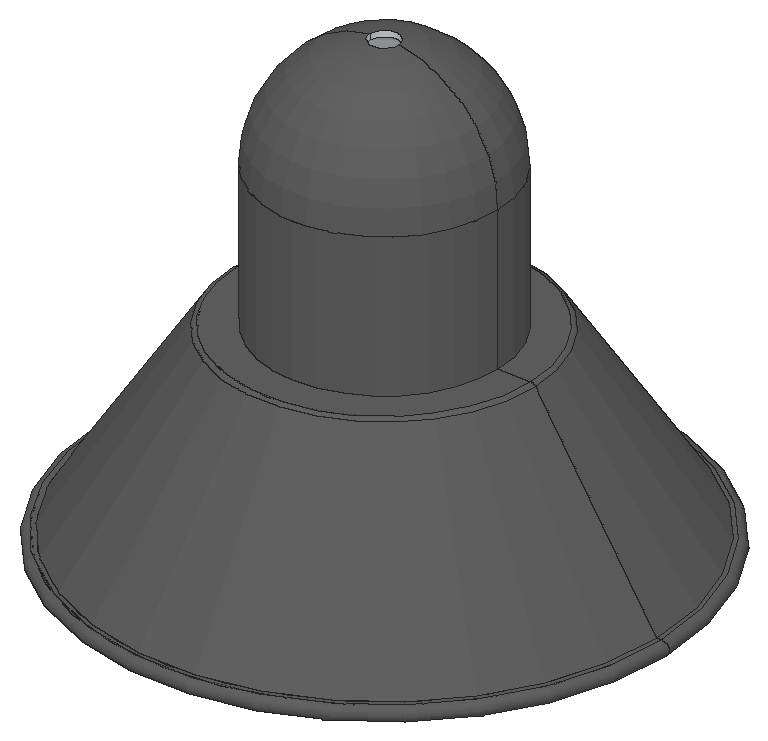
Revit family "SBH10 SHADE", category Lighting Fixtures, Revit 2024
Family settings
  Round Connector Dimension = Use Diameter
  Part Type = Normal
  OmniClass Number = 23.80.70.00
  OmniClass Title = Lighting
  Work Plane-Based = No
  Always vertical = Yes
  Cut with Voids When Loaded = No
  Light Source = Yes
  Maintain Annotation Orientation = No
  Shared = No
  Room Calculation Point = No
Parameters
  Wattage = 12.1178 W
  built-in parameter 1150110 = 1 (stored number, unit not read)
  built-in parameter 1114217 = 1 (stored number, unit not read)
  built-in parameter 1150109 = 1 (stored number, unit not read)
  built-in parameter 1150134 = (empty or 0)
  built-in parameter 1150113 = 1 (stored number, unit not read)
  Lumens = 1800 lm
  built-in parameter 1150115 = 1 (stored number, unit not read)
  built-in parameter 1150105 = 572.96 (stored number, unit not read)
  Light Source Symbol Size = 2' - 0"
  built-in parameter 1150137 = (empty or 0)
  built-in parameter 1150139 = (empty or 0)
  built-in parameter 1150112 = 1 (stored number, unit not read)
  built-in parameter 1150114 = 1 (stored number, unit not read)
  built-in parameter 1150132 = 2
  built-in parameter 1150102 = (empty or 0)
  built-in parameter 1150138 = (empty or 0)
  built-in parameter 1150107 = 3000 (stored number, unit not read)
  built-in parameter 1150106 = 5.7296 (stored number, unit not read)
  built-in parameter 1150104 = 13.8 (stored number, unit not read)
  Dimming Lamp Color Temperature Shift = (empty or 0)
  Default Elevation = 0' - 0"
  Color Filter = 16777215
  built-in parameter 1114218 = 1 (stored number, unit not read)
  built-in parameter 1150133 = 10 (stored number, unit not read)
Reference planes (in)
  plane 1 "Light Source Axis (F/B)": y = 0
  plane 2: z = 0
  plane 3 "Light Source Axis (L/R)": x = 0
  plane 4 "Light Source Elevation": z = 84
Forms (in)
  Revolve 1, solid
    sketch origin (0, 0, 0) x (1, 0, 0) y (0, 0, 1)
      loop
        line (-4.75116, 84.14199) -> (-2.58276, 87.40625) -> (-1.90625, 87.40625) -> (-1.90625, 90)
        arc (-1.90625, 90) -> (-1.43359, 91.25643) -> (-0.25, 91.88979) r 1.90625
        line (-0.25, 91.88979) -> (-0.25, 91.98431)
        arc (-0.25, 91.98431) -> (-1.5, 91.32288) -> (-2, 90) r 2
        line (-2, 90) -> (-2, 87.5) -> (-2.57941, 87.5)
        arc (-2.57941, 87.5) -> (-2.62667, 87.48813) -> (-2.66271, 87.45533) r 0.1
        line (-2.66271, 87.45533) -> (-4.79196, 84.25) -> (-4.875, 84.25)
        arc (-4.875, 84.25) -> (-4.95716, 84.03079) -> (-4.75116, 84.14199) r 0.125
      loop
        line (-1.6, 88.70469) -> (-1.6, 84.42969)
        arc (-1.6, 84.42969) -> (-1.13137, 83.29832) -> (0, 82.82969) r 1.6
        line (0, 82.82969) -> (0, 82.92344)
        arc (0, 82.92344) -> (-1.06508, 83.36461) -> (-1.50625, 84.42969) r 1.50625
        line (-1.50625, 84.42969) -> (-1.50625, 88.70469) -> (-1.6, 88.70469)
      axis (0, 91.98431) -> (0, 82.82969)
    angle from 0 to 360
Dimensions and locks (in)
  aligned and locked: plane 3 "Light Source Axis (L/R)" to imposter light
  aligned and locked: plane 1 "Light Source Axis (F/B)" to imposter light
  aligned and locked: plane 4 "Light Source Elevation" to imposter light
  aligned and locked: level to plane 2
